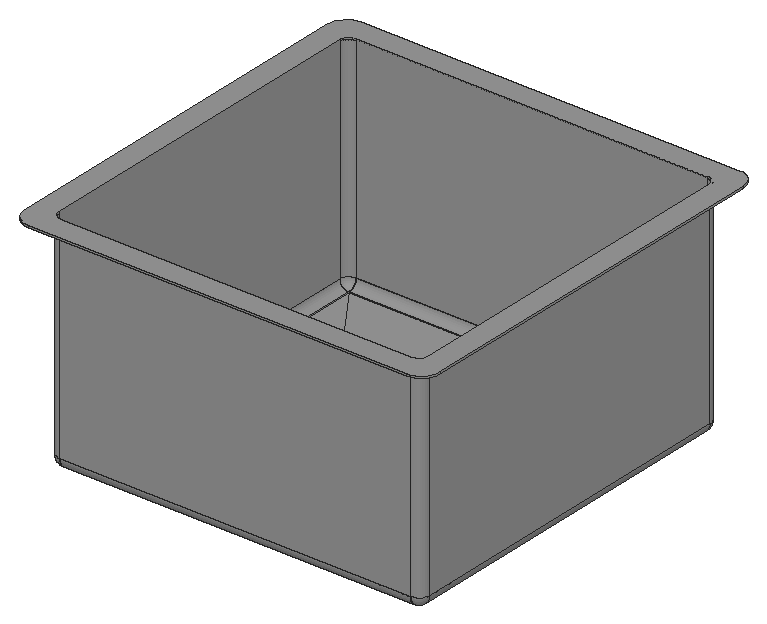
Revit family "BUILDMAT-SNGD002-Nala-450-Brass-Gold", category Plumbing Fixtures, host Face, Revit 2020
Family settings
  Host = Face
  Round Connector Dimension = Use Diameter
  Part Type = Normal
  Cut with Voids When Loaded = No
  Shared = No
  Room Calculation Point = No
Parameters (values of type "Nala 450x450x250mm")
  Width = 400.0 mm
  Undermount [instance] = 0.0 mm
  URL = "https://www.buildmat.com.au/products/nala-450x450-single-bowl-sink"
  Side Sound Pad = no
  Side Brackets = yes
  Model = "SNA01002"  # constant formula
  Middle Sound Pad = yes
  Middle Bracket = no
  Manufacturer URL = "https://www.buildmat.com.au/"
  Manufacturer = "BUILDMAT"  # constant formula
  Length = 400.0 mm
  Description = "BUILDMAT - Nala 450x450 Single Bowl Sink"  # constant formula
  Depth = 250.0 mm
  Default Elevation = 1219.2 mm
  Created By URL = "https://www.buildmat.com.au/"
  Created By = "BUILDMAT"  # constant formula
  Created = "22.06.2022"  # constant formula
  Material = BUILDMAT Brass Gold
Reference planes
  plane 1 "Center (Front/Back)": y = 0
  plane 2: z = 0
  plane 3 "Center (Left/Right)": x = 0
  plane 4 "Top Substrate": z = 0
  plane 5 "Left": x = -200
  plane 6 "Right": x = 200
  plane 7 "Back": y = 200
  plane 8 "Front": y = -200
  plane 9: x = -225
  plane 10: x = 225
  plane 11: y = -225
  plane 12: y = 225
  plane 13 "Bottom Void": z = -250
  plane 14: z = 1.5
  plane 15: x = -201.5
  plane 16: y = -201.5
  plane 17: x = 201.5
  plane 18: y = 201.5
  plane 19: z = -240
  plane 20: z = -230
  plane 21: x = -190
  plane 22: x = 190
  plane 23: y = -190
  plane 24: y = 190
  plane 25: z = -245
  plane 26: z = -241.5
  plane 27: z = -246.5
  plane 28: x = -100
  plane 29: x = 100
  plane 30 "Sound Pad": z = -130
  plane 31 "Front Bracket": y = -100
  plane 32 "Back Bracket": y = 100
  plane 33: x = -100
  plane 34: x = 100
  plane 35: x = -57
  plane 36: x = 57
  plane 37: x = -45
  plane 38: x = 45
Forms (mm)
  Extrusion 1, void
    sketch origin (0, 0, 0) x (1, 0, 0) y (0, 1, 0)
      loop
        arc (-190, 200) -> (-197.071, 197.071) -> (-200, 190) r 10
        line (-200, 190) -> (-200, -190)
        arc (-200, -190) -> (-197.071, -197.071) -> (-190, -200) r 10
        line (-190, -200) -> (190, -200)
        arc (190, -200) -> (197.071, -197.071) -> (200, -190) r 10
        line (200, -190) -> (200, 190)
        arc (200, 190) -> (197.071, 197.071) -> (190, 200) r 10
        line (190, 200) -> (-190, 200)
    from 0 to 1.5
  Extrusion 2, void
    sketch origin (0, 0, 0) x (1, 0, 0) y (0, 1, 0)
      loop
        line (-201.5, 201.5) -> (-201.5, -201.5) -> (201.5, -201.5) -> (201.5, 201.5) -> (-201.5, 201.5)
    from 0 to -250
  Extrusion 3, void
    sketch origin (0, 0, 0) x (1, 0, 0) y (0, 1, 0)
      loop
        arc (-205, 225) -> (-219.142, 219.142) -> (-225, 205) r 20
        line (-225, 205) -> (-225, -205)
        arc (-225, -205) -> (-219.142, -219.142) -> (-205, -225) r 20
        line (-205, -225) -> (205, -225)
        arc (205, -225) -> (219.142, -219.142) -> (225, -205) r 20
        line (225, -205) -> (225, 205)
        arc (225, 205) -> (219.142, 219.142) -> (205, 225) r 20
        line (205, 225) -> (-205, 225)
    from 1.5 to 0
  Extrusion 4, solid, material "BUILDMAT Brass Gold" <- "Material"
    sketch origin (0, 0, 0) x (-1, 0, 0) y (0, -1, 0)
      loop
        arc (205, -225) -> (219.142, -219.142) -> (225, -205) r 20
        line (225, -205) -> (225, 205)
        arc (225, 205) -> (219.142, 219.142) -> (205, 225) r 20
        line (205, 225) -> (-205, 225)
        arc (-205, 225) -> (-219.142, 219.142) -> (-225, 205) r 20
        line (-225, 205) -> (-225, -205)
        arc (-225, -205) -> (-219.142, -219.142) -> (-205, -225) r 20
        line (-205, -225) -> (205, -225)
      loop
        arc (190, -200) -> (197.071, -197.071) -> (200, -190) r 10
        line (200, -190) -> (200, 190)
        arc (200, 190) -> (197.071, 197.071) -> (190, 200) r 10
        line (190, 200) -> (-190, 200)
        arc (-190, 200) -> (-197.071, 197.071) -> (-200, 190) r 10
        line (-200, 190) -> (-200, -190)
        arc (-200, -190) -> (-197.071, -197.071) -> (-190, -200) r 10
        line (-190, -200) -> (190, -200)
    from 0 to 1.5
  Extrusion 5, solid, material "BUILDMAT Brass Gold" <- "Material"
    sketch origin (0, 0, 0) x (-1, 0, 0) y (0, -1, 0)
      loop
        arc (190, -201.5) -> (198.132, -198.132) -> (201.5, -190) r 11.5
        line (201.5, -190) -> (201.5, 190)
        arc (201.5, 190) -> (198.132, 198.132) -> (190, 201.5) r 11.5
        line (190, 201.5) -> (-190, 201.5)
        arc (-190, 201.5) -> (-198.132, 198.132) -> (-201.5, 190) r 11.5
        line (-201.5, 190) -> (-201.5, -190)
        arc (-201.5, -190) -> (-198.132, -198.132) -> (-190, -201.5) r 11.5
        line (-190, -201.5) -> (190, -201.5)
      loop
        arc (-190, 200) -> (-197.071, 197.071) -> (-200, 190) r 10
        line (-200, 190) -> (-200, -190)
        arc (-200, -190) -> (-197.071, -197.071) -> (-190, -200) r 10
        line (-190, -200) -> (190, -200)
        arc (190, -200) -> (197.071, -197.071) -> (200, -190) r 10
        line (200, -190) -> (200, 190)
        arc (200, 190) -> (197.071, 197.071) -> (190, 200) r 10
        line (190, 200) -> (-190, 200)
    from 0 to -230
  Revolve 6, solid, material "BUILDMAT Brass Gold" <- "Material"
    sketch origin (-175.162, 190, 1219.2) x (-1, 0, 0) y (0, 0, 1)
      loop
        line (-375.162, -1449.2) -> (-376.662, -1449.2)
        arc (-376.662, -1449.2) -> (-373.293, -1457.332) -> (-365.162, -1460.7) r 11.5
        line (-365.162, -1460.7) -> (-365.162, -1459.2)
        arc (-365.162, -1459.2) -> (-372.233, -1456.271) -> (-375.162, -1449.2) r 10
      axis (-365.162, -1460.7) -> (-365.162, -1449.2)
    angle from 0 to -90
  Revolve 7, solid, material "BUILDMAT Brass Gold" <- "Material"
    sketch origin (-175.162, 190, 1219.2) x (-1, 0, 0) y (0, 0, 1)
      loop
        arc (24.838, -1449.2) -> (21.909, -1456.271) -> (14.838, -1459.2) r 10
        line (14.838, -1459.2) -> (14.838, -1460.7)
        arc (14.838, -1460.7) -> (22.97, -1457.332) -> (26.338, -1449.2) r 11.5
        line (26.338, -1449.2) -> (24.838, -1449.2)
      axis (14.838, -1449.2) -> (14.838, -1460.7)
    angle from 0 to -90
  Revolve 8, solid, material "BUILDMAT Brass Gold" <- "Material"
    sketch origin (-175.162, -190, 1219.2) x (-1, 0, 0) y (0, 0, 1)
      loop
        arc (24.838, -1449.2) -> (21.909, -1456.271) -> (14.838, -1459.2) r 10
        line (14.838, -1459.2) -> (14.838, -1460.7)
        arc (14.838, -1460.7) -> (22.97, -1457.332) -> (26.338, -1449.2) r 11.5
        line (26.338, -1449.2) -> (24.838, -1449.2)
      axis (14.838, -1449.2) -> (14.838, -1460.7)
    angle from 0 to 90
  Revolve 9, solid, material "BUILDMAT Brass Gold" <- "Material"
    sketch origin (-175.162, -190, 1219.2) x (-1, 0, 0) y (0, 0, 1)
      loop
        line (-375.162, -1449.2) -> (-376.662, -1449.2)
        arc (-376.662, -1449.2) -> (-373.293, -1457.332) -> (-365.162, -1460.7) r 11.5
        line (-365.162, -1460.7) -> (-365.162, -1459.2)
        arc (-365.162, -1459.2) -> (-372.233, -1456.271) -> (-375.162, -1449.2) r 10
      axis (-365.162, -1449.2) -> (-365.162, -1460.7)
    angle from 0 to 90
  Extrusion 10, solid, material "BUILDMAT Brass Gold" <- "Material"
    sketch origin (0, 0, 0) x (1, 0, 0) y (0, 0, 1)
      loop
        line (-200, -230) -> (-201.5, -230)
        arc (-201.5, -230) -> (-198.132, -238.132) -> (-190, -241.5) r 11.5
        line (-190, -241.5) -> (-190, -240)
        arc (-190, -240) -> (-197.071, -237.071) -> (-200, -230) r 10
    from -190 to 190
  Extrusion 11, solid, material "BUILDMAT Brass Gold" <- "Material"
    sketch origin (0, 0, 0) x (1, 0, 0) y (0, 0, 1)
      loop
        arc (200, -230) -> (197.071, -237.071) -> (190, -240) r 10
        line (190, -240) -> (190, -241.5)
        arc (190, -241.5) -> (198.132, -238.132) -> (201.5, -230) r 11.5
        line (201.5, -230) -> (200, -230)
    from -190 to 190
  Extrusion 12, solid, material "BUILDMAT Brass Gold" <- "Material"
    sketch origin (0, 0, 0) x (0, 1, 0) y (0, 0, 1)
      loop
        arc (200, -230) -> (197.071, -237.071) -> (190, -240) r 10
        line (190, -240) -> (190, -241.5)
        arc (190, -241.5) -> (198.132, -238.132) -> (201.5, -230) r 11.5
        line (201.5, -230) -> (200, -230)
    from -190 to 190
  Extrusion 13, solid, material "BUILDMAT Brass Gold" <- "Material"
    sketch origin (0, 0, 0) x (0, 1, 0) y (0, 0, 1)
      loop
        line (-200, -230) -> (-201.5, -230)
        arc (-201.5, -230) -> (-198.132, -238.132) -> (-190, -241.5) r 11.5
        line (-190, -241.5) -> (-190, -240)
        arc (-190, -240) -> (-197.071, -237.071) -> (-200, -230) r 10
    from -190 to 190
  Revolve 14, solid, material "BUILDMAT Brass Gold" <- "Material"
    sketch origin (0, 0, 0) x (1, 0, 0) y (0, 0, 1)
      loop
        line (-45, -250) -> (-45, -248.5)
        spline (-45, -248.5) -> (-46.484, -248.459) -> (-47.939, -248.339) -> (-49.337, -248.141) -> (-50.649, -247.871) -> (-51.848, -247.537) -> (-52.908, -247.151) -> (-53.805, -246.726) -> (-54.514, -246.283) -> (-55.023, -245.856) -> (-55.329, -245.483) -> (-55.468, -245.202) -> (-55.5, -245)
        line (-55.5, -245) -> (-57, -245)
        spline (-57, -245) -> (-56.897, -245.653) -> (-56.591, -246.294) -> (-56.087, -246.913) -> (-55.392, -247.5) -> (-54.52, -248.044) -> (-53.485, -248.536) -> (-52.305, -248.967) -> (-51, -249.33) -> (-49.592, -249.619) -> (-48.106, -249.83) -> (-46.566, -249.957) -> (-45, -250)
      axis (0, -245) -> (0, -250)
    angle from 0 to 360
  Blend 15, solid, material "BUILDMAT Brass Gold" <- "Material"
    base sketch origin (0, 0, 0) x (-1, 0, 0) y (0, -1, 0)
      loop
        circle (0, 0) r 57
    top sketch origin (0, 0, 0) x (-1, 0, 0) y (0, -1, 0)
      loop
        line (190, -190) -> (190, 190) -> (-190, 190) -> (-190, -190) -> (190, -190)
    from -246.5 to -241.5
  Blend 16, void
    base sketch origin (0, 0, 0) x (-1, 0, 0) y (0, -1, 0)
      loop
        circle (0, 0) r 57
    top sketch origin (0, 0, 0) x (-1, 0, 0) y (0, -1, 0)
      loop
        line (190, -190) -> (190, 190) -> (-190, 190) -> (-190, -190) -> (190, -190)
    from -245 to -240
  Extrusion 17, solid, material "BUILDMAT Brass Gold" <- "Material"
    sketch origin (0, 0, 0) x (-1, 0, 0) y (0, -1, 0)
      loop
        line (190, -190) -> (190, 190) -> (-190, 190) -> (-190, -190) -> (190, -190)
    from -241.5 to -240
  Extrusion 18, void
    sketch origin (0, 0, 0) x (-1, 0, 0) y (0, -1, 0)
      loop
        circle (0, 0) r 57
    from -250 to -230
Cuts and joins
  joined: Extrusion 4, Extrusion 5
  joined: Revolve 6, Revolve 9
  joined: Revolve 7, Revolve 8
  Blend 16, Extrusion 18 cuts Blend 15
  Blend 16, Extrusion 18 cuts Extrusion 17
  joined: Blend 15, Extrusion 17
Lines and regions (mm)
  Masking region 1
    outline origin (0, 0, 0) x (1, 0, 0) y (0, 0, 1)
      loop
        line (200, 0) -> (-200, 0) -> (-200, -230)
        arc (-200, -230) -> (-197.071, -237.071) -> (-190, -240) r 10
        line (-190, -240) -> (-57, -245) -> (57, -245) -> (190, -240)
        arc (190, -240) -> (197.071, -237.071) -> (200, -230) r 10
        line (200, -230) -> (200, 0)
  Masking region 2
    outline origin (0, 0, 0) x (1, 0, 0) y (0, 0, 1)
      loop
        line (-100, -244.883) -> (-100, -250) -> (-57, -250) -> (-57, -246.5) -> (-100, -244.883)
  Masking region 3
    outline origin (0, 0, 0) x (1, 0, 0) y (0, 0, 1)
      loop
        line (57, -246.5) -> (57, -250) -> (100, -250) -> (100, -244.883) -> (57, -246.5)
Text (mm)
  text "Refer to www.buildmat.com.au for the most current product literature. \nAllow a +/- 5mm tolerance for dimensions shown in the product literature. \nPlease note product details are subject to change due to ongoing product development." at (0.056, -1035.857, 0), in view "Ref. Level"
Dimensions and locks
  "Undermount": plane 2 to plane 4 "Top Substrate"
  equal spacing: plane 5 "Left", plane 3 "Center (Left/Right)", plane 6 "Right"
  "Width": plane 5 "Left" to plane 6 "Right"
  "Length": plane 7 "Back" to plane 8 "Front"
  equal spacing: plane 7 "Back", plane 1 "Center (Front/Back)", plane 8 "Front"
  locked: plane 12 to plane 7 "Back" at 25
  locked: plane 8 "Front" to plane 11 at 25
  locked: plane 9 to plane 5 "Left" at 25
  locked: plane 6 "Right" to plane 10 at 25
  "Depth": plane 4 "Top Substrate" to plane 13 "Bottom Void"
  locked: plane 14 to plane 4 "Top Substrate" at 1.5
  locked: plane 18 to plane 7 "Back" at 1.5
  locked: plane 8 "Front" to plane 16 at 1.5
  plane 15 to plane 5 "Left" = 1.5 mm
  plane 6 "Right" to plane 17 = 1.5 mm
  plane 20 to plane 19 to plane 13 "Bottom Void" = 10.0 mm, 10.0 mm
  locked: plane 5 "Left" to plane 21 at 10
  locked: plane 22 to plane 6 "Right" at 10
  locked: plane 7 "Back" to plane 24 at 10
  locked: plane 23 to plane 8 "Front" at 10
  locked: plane 19 to plane 26 at 1.5
  locked: plane 25 to plane 13 "Bottom Void" at 5
  locked: plane 25 to plane 27 at 1.5
  plane 29 to plane 3 "Center (Left/Right)" to plane 28 = 100.0 mm locked, 100.0 mm locked
  locked: plane 30 "Sound Pad" to plane 13 "Bottom Void" at 120
  locked: plane 7 "Back" to plane 32 "Back Bracket" at 100
  locked: plane 31 "Front Bracket" to plane 8 "Front" at 100
  locked: plane 33 to plane 5 "Left" at 100
  locked: plane 6 "Right" to plane 34 at 100
  equal spacing: plane 3 "Center (Left/Right)", nested 15, plane 33
  equal spacing: plane 34, nested 16, plane 3 "Center (Left/Right)"
  plane 37 to plane 3 "Center (Left/Right)" to plane 38 = 45.0 mm locked, 45.0 mm locked
  plane 35 to plane 3 "Center (Left/Right)" to plane 36 = 57.0 mm locked, 57.0 mm locked
  aligned and locked: plane 2 to host face
  aligned and locked: level to host face
  aligned and locked: plane 8 "Front" to Extrusion 1 sketch curve
  aligned and locked: Extrusion 1 sketch curve to plane 7 "Back"
  aligned and locked: plane 5 "Left" to Extrusion 1 sketch curve
  aligned and locked: Extrusion 1 sketch curve to plane 6 "Right"
  aligned and locked: plane 2 to Extrusion 1
  aligned and locked: Extrusion 1 to plane 14
  aligned and locked: Extrusion 2 sketch curve to plane 16
  aligned and locked: Extrusion 2 sketch curve to plane 18
  aligned and locked: plane 15 to Extrusion 2 sketch curve
  aligned and locked: plane 17 to Extrusion 2 sketch curve
  aligned and locked: Extrusion 2 to plane 13 "Bottom Void"
  aligned and locked: plane 4 "Top Substrate" to Extrusion 2
  aligned and locked: plane 11 to Extrusion 3 sketch curve
  aligned and locked: plane 9 to Extrusion 3 sketch curve
  aligned and locked: Extrusion 3 sketch curve to plane 10
  aligned and locked: Extrusion 3 sketch curve to plane 12
  aligned and locked: Extrusion 3 to plane 4 "Top Substrate"
  aligned and locked: Extrusion 3 to plane 14
  aligned and locked: plane 11 to Extrusion 4 sketch curve
  aligned and locked: Extrusion 4 sketch curve to plane 12
  aligned and locked: plane 9 to Extrusion 4 sketch curve
  aligned and locked: Extrusion 4 sketch curve to plane 10
  aligned and locked: plane 5 "Left" to Extrusion 4 sketch curve
  aligned and locked: Extrusion 4 sketch curve to plane 6 "Right"
  aligned and locked: Extrusion 4 sketch curve to plane 7 "Back"
  aligned and locked: plane 8 "Front" to Extrusion 4 sketch curve
  aligned and locked: Extrusion 5 sketch curve to plane 7 "Back"
  aligned and locked: plane 5 "Left" to Extrusion 5 sketch curve
  aligned and locked: Extrusion 5 sketch curve to plane 6 "Right"
  aligned and locked: plane 8 "Front" to Extrusion 5 sketch curve
  aligned and locked: plane 15 to Extrusion 5 sketch curve
  aligned and locked: Extrusion 5 sketch curve to plane 16
  aligned and locked: plane 17 to Extrusion 5 sketch curve
  aligned and locked: Extrusion 5 sketch curve to plane 18
  aligned and locked: Extrusion 5 to plane 20
  aligned and locked: plane 4 "Top Substrate" to Extrusion 5
  aligned and locked: Extrusion 11 to plane 23
  aligned and locked: plane 24 to Extrusion 11
  aligned and locked: plane 24 to Extrusion 10
  aligned and locked: Extrusion 10 to plane 23
  aligned and locked: Extrusion 13 to plane 21
  aligned and locked: plane 22 to Extrusion 13
  aligned and locked: plane 22 to Extrusion 12
  aligned and locked: Extrusion 12 to plane 21
  aligned and locked: plane 21 to Blend 15 sketch curve
  aligned and locked: Blend 15 sketch curve to plane 22
  aligned and locked: Blend 15 sketch curve to plane 23
  aligned and locked: Blend 15 sketch curve to plane 24
  aligned and locked: plane 27 to Blend 15
  aligned and locked: Blend 15 to plane 26
  aligned and locked: Blend 16 sketch curve to plane 24
  aligned and locked: plane 21 to Blend 16 sketch curve
  aligned and locked: Blend 16 sketch curve to plane 22
  aligned and locked: Blend 16 sketch curve to plane 23
  aligned and locked: Blend 16 to plane 25
  aligned and locked: plane 19 to Blend 16
  aligned and locked: Extrusion 17 sketch curve to plane 24
  aligned and locked: Extrusion 17 sketch curve to plane 23
  aligned and locked: plane 21 to Extrusion 17 sketch curve
  aligned and locked: Extrusion 17 sketch curve to plane 22
  aligned and locked: Extrusion 17 to plane 26
  aligned and locked: plane 19 to Extrusion 17
  aligned and locked: Extrusion 18 to plane 13 "Bottom Void"
  aligned and locked: plane 20 to Extrusion 18
  aligned and locked: cut or joined group of Blend 15, Blend 16, Extrusion 17, Extrusion 18 to Masking region 2 sketch curve
  aligned and locked: Masking region 3 sketch curve to cut or joined group of Blend 15, Blend 16, Extrusion 17, Extrusion 18
  aligned and locked: plane 3 "Center (Left/Right)" to nested 1
  aligned and locked: nested 1 to plane 4 "Top Substrate"
  aligned and locked: plane 3 "Center (Left/Right)" to nested 2
  aligned and locked: nested 2 to plane 30 "Sound Pad"
  aligned and locked: nested 3 to plane 18
  aligned and locked: plane 3 "Center (Left/Right)" to nested 3
  aligned and locked: plane 16 to nested 4
  aligned and locked: nested 4 to plane 3 "Center (Left/Right)"
  aligned and locked: plane 31 "Front Bracket" to nested 6
  aligned and locked: plane 15 to nested 6
  aligned and locked: plane 31 "Front Bracket" to nested 8
  aligned and locked: plane 17 to nested 8
  aligned and locked: plane 32 "Back Bracket" to nested 7
  aligned and locked: plane 17 to nested 7
  aligned and locked: plane 32 "Back Bracket" to nested 5
  aligned and locked: plane 15 to nested 5
  aligned and locked: nested 9 to plane 4 "Top Substrate"
  aligned and locked: nested 9 to plane 33
  aligned and locked: nested 10 to plane 4 "Top Substrate"
  aligned and locked: nested 10 to plane 34
  aligned and locked: nested 13 to plane 33
  aligned and locked: nested 14 to plane 34
  aligned and locked: plane 16 to nested 13
  aligned and locked: plane 16 to nested 14
  aligned and locked: plane 33 to nested 11
  aligned and locked: nested 11 to plane 18
  aligned and locked: plane 34 to nested 12
  aligned and locked: nested 12 to plane 18
  aligned and locked: nested 15 to plane 30 "Sound Pad"
  aligned and locked: nested 16 to plane 30 "Sound Pad"
  aligned and locked: nested 17 to plane 23
  aligned and locked: nested 17 to plane 24
  aligned and locked: plane 22 to nested 17
  aligned and locked: plane 21 to nested 17
  aligned and locked: plane 3 "Center (Left/Right)" to nested 18
  aligned and locked: plane 1 "Center (Front/Back)" to nested 18
  aligned and locked: plane 4 "Top Substrate" to Masking region 1
Automatic sketch dimensions
  host sketch curve to host sketch curve = 2438.4 mm  (x2)
  plane 5 "Left" to Extrusion 1 sketch curve = 10.0 mm  (x2)
  Extrusion 1 sketch curve to plane 6 "Right" = 10.0 mm  (x2)
  Extrusion 4 sketch curve to plane 10 = 20.0 mm  (x2)
  Extrusion 4 sketch curve to Extrusion 4 sketch curve = 10.0 mm  (x2)
  plane 5 "Left" to Extrusion 4 sketch curve = 10.0 mm
  plane 9 to Extrusion 4 sketch curve = 20.0 mm
  plane 8 "Front" to Extrusion 4 sketch curve = 10.0 mm
  plane 11 to Extrusion 4 sketch curve = 20.0 mm
  Extrusion 3 sketch curve to plane 5 "Left" = 5.0 mm
  plane 6 "Right" to Extrusion 3 sketch curve = 5.0 mm  (x2)
  plane 7 "Back" to Extrusion 3 sketch curve = 5.0 mm
  plane 5 "Left" to Extrusion 5 sketch curve = 10.0 mm
  Extrusion 5 sketch curve to plane 6 "Right" = 10.0 mm
  plane 8 "Front" to Extrusion 5 sketch curve = 10.0 mm
  Extrusion 5 sketch curve to plane 7 "Back" = 10.0 mm
  Extrusion 5 sketch curve to Extrusion 5 sketch curve = 0.0 mm  (x4)
  Revolve 6 sketch curve to Revolve 6 sketch curve = 0.0 mm  (x3)
  plane 17 to Revolve 6 sketch curve = 0.0 mm
  Revolve 6 sketch curve to plane 6 "Right" = 0.0 mm
  Revolve 6 sketch curve to plane 22 = 0.0 mm  (x2)
  Revolve 6 sketch curve to plane 19 = 0.0 mm
  Revolve 6 sketch curve to plane 20 = 0.0 mm
  Revolve 7 sketch curve to Revolve 7 sketch curve = 0.0 mm  (x3)
  Revolve 7 sketch curve to plane 20 = 0.0 mm  (x2)
  Revolve 7 sketch curve to plane 21 = 0.0 mm  (x2)
  Revolve 7 sketch curve to plane 5 "Left" = 0.0 mm
  Revolve 7 sketch curve to plane 15 = 0.0 mm
  Revolve 8 sketch curve to Revolve 8 sketch curve = 0.0 mm  (x3)
  Revolve 8 sketch curve to plane 20 = 0.0 mm  (x2)
  Revolve 8 sketch curve to plane 21 = 0.0 mm  (x2)
  Revolve 8 sketch curve to plane 5 "Left" = 0.0 mm
  Revolve 8 sketch curve to plane 15 = 0.0 mm
  Revolve 9 sketch curve to Revolve 9 sketch curve = 0.0 mm  (x3)
  plane 17 to Revolve 9 sketch curve = 0.0 mm
  Revolve 9 sketch curve to plane 6 "Right" = 0.0 mm
  Revolve 9 sketch curve to plane 22 = 0.0 mm  (x2)
  Revolve 9 sketch curve to plane 20 = 0.0 mm
  Revolve 9 sketch curve to plane 19 = 0.0 mm
  Extrusion 10 sketch curve to plane 15 = 0.0 mm
  Extrusion 10 sketch curve to plane 5 "Left" = 0.0 mm
  Extrusion 10 sketch curve to plane 19 = 0.0 mm
  Extrusion 10 sketch curve to plane 21 = 0.0 mm
  Extrusion 11 sketch curve to plane 20 = 0.0 mm
  Extrusion 11 sketch curve to plane 22 = 0.0 mm
  Extrusion 11 sketch curve to plane 6 "Right" = 0.0 mm
  plane 17 to Extrusion 11 sketch curve = 0.0 mm
  Extrusion 12 sketch curve to plane 20 = 0.0 mm
  Extrusion 12 sketch curve to plane 24 = 0.0 mm
  Extrusion 12 sketch curve to plane 7 "Back" = 0.0 mm
  Extrusion 12 sketch curve to plane 18 = 0.0 mm
  Extrusion 13 sketch curve to plane 16 = 0.0 mm
  Extrusion 13 sketch curve to plane 8 "Front" = 0.0 mm
  Extrusion 13 sketch curve to plane 23 = 0.0 mm
  Extrusion 13 sketch curve to plane 19 = 0.0 mm
  Revolve 14 sketch curve to plane 25 = 0.0 mm
  Revolve 14 sketch curve to plane 13 "Bottom Void" = 0.0 mm  (x2)
  Revolve 14 sketch curve to plane 3 "Center (Left/Right)" = 0.0 mm
  Revolve 14 sketch curve to plane 20 = 0.0 mm
  Revolve 14 sketch curve to plane 3 "Center (Left/Right)" = 45.0 mm
  Revolve 14 sketch curve to Revolve 14 sketch curve = 10.5 mm
  Revolve 14 sketch curve to Revolve 14 sketch curve = 1.5 mm  (x2)
  Revolve 14 sketch curve to Revolve 14 sketch curve = 0.0 mm
  plane 1 "Center (Front/Back)" to Blend 15 sketch curve = 0.0 mm
  Blend 15 sketch curve to plane 3 "Center (Left/Right)" = 0.0 mm
  plane 1 "Center (Front/Back)" to Blend 16 sketch curve = 0.0 mm
  Blend 16 sketch curve to plane 3 "Center (Left/Right)" = 0.0 mm
  plane 1 "Center (Front/Back)" to Extrusion 18 sketch curve = 0.0 mm
  Extrusion 18 sketch curve to plane 3 "Center (Left/Right)" = 0.0 mm
  Masking region 1 sketch curve to level = 0.0 mm
  Masking region 1 sketch curve to plane 20 = 0.0 mm
  Masking region 1 sketch curve to plane 21 = 0.0 mm
  Masking region 1 sketch curve to plane 25 = 0.0 mm
  Masking region 1 sketch curve to plane 3 "Center (Left/Right)" = 57.0 mm
  plane 3 "Center (Left/Right)" to Masking region 1 sketch curve = 57.0 mm
  Masking region 1 sketch curve to plane 19 = 0.0 mm
  Masking region 1 sketch curve to plane 22 = 0.0 mm
  Masking region 1 sketch curve to plane 6 "Right" = 0.0 mm
  Masking region 1 sketch curve to plane 5 "Left" = 0.0 mm
  Masking region 2 sketch curve to plane 28 = 0.0 mm
  Masking region 2 sketch curve to plane 13 "Bottom Void" = 0.0 mm
  Masking region 2 sketch curve to plane 27 = 0.0 mm
  Masking region 3 sketch curve to plane 27 = 0.0 mm
  Masking region 3 sketch curve to plane 13 "Bottom Void" = 0.0 mm
  Masking region 3 sketch curve to plane 29 = 0.0 mm
  radius of Blend 15 sketch curve = 57.0 mm
  radius of Blend 16 sketch curve = 57.0 mm
  radius of Extrusion 18 sketch curve = 57.0 mm
Nested families
  nested 1: "TMB_Front" at (0, 0, 0) x (1, 0, 0) z (0, -1, 0), visible <- "Middle Bracket", type "TMB_Front"
  nested 2: "SP_Front" at (0, 0, -130) x (1, 0, 0) z (0, -1, 0), visible <- "Middle Sound Pad", type "SP_Front"
  nested 3: "TMB_Plan" at (0, 201.5, 0), visible <- "Middle Bracket", type "TMB_Plan"
  nested 4: "TMB_Plan" at (0, -201.5, 0) x (-1, 0, 0) z (0, 0, 1), visible <- "Middle Bracket", type "TMB_Plan"
  nested 5: "TMB_Plan" at (-201.5, 100, 0) x (0, 1, 0) z (0, 0, 1), type "TMB_Plan"
  nested 6: "TMB_Plan" at (-201.5, -100, 0) x (0, 1, 0) z (0, 0, 1), type "TMB_Plan"
  nested 7: "TMB_Plan" at (201.5, 100, 0) x (0, -1, 0) z (0, 0, 1), type "TMB_Plan"
  nested 8: "TMB_Plan" at (201.5, -100, 0) x (0, -1, 0) z (0, 0, 1), type "TMB_Plan"
  nested 9: "TMB_Front" at (-100, 0, 0) x (1, 0, 0) z (0, -1, 0), visible <- "Side Brackets", type "TMB_Front"
  nested 10: "TMB_Front" at (100, 0, 0) x (1, 0, 0) z (0, -1, 0), visible <- "Side Brackets", type "TMB_Front"
  nested 11: "TMB_Plan" at (-100, 201.5, 0), visible <- "Side Brackets", type "TMB_Plan"
  nested 12: "TMB_Plan" at (100, 201.5, 0), visible <- "Side Brackets", type "TMB_Plan"
  nested 13: "TMB_Plan" at (-100, -201.5, 0) x (-1, 0, 0) z (0, 0, 1), visible <- "Side Brackets", type "TMB_Plan"
  nested 14: "TMB_Plan" at (100, -201.5, 0) x (-1, 0, 0) z (0, 0, 1), visible <- "Side Brackets", type "TMB_Plan"
  nested 15: "SP_Front" at (-50, 0, -130) x (1, 0, 0) z (0, -1, 0), visible <- "Side Sound Pad", type "SP_Front"
  nested 16: "SP_Front" at (50, 0, -130) x (1, 0, 0) z (0, -1, 0), visible <- "Side Sound Pad", type "SP_Front"
  nested 17: "BOWL Plan" at (0, 0, -130), type "BOWL Plan"
    with Width 380.0 mm, Lenght 380.0 mm
  nested 18: "DRAIN" at (0, 0, 0), type "DRAIN"
Definition of nested family "TMB_Front"
  Reference planes
    plane 1 "Center (Elevation)": y = 0
    plane 2: z = 0
    plane 3 "Center (Left/Right)": x = 0
  Lines and regions (mm)
    Masking region 1, in view "Ref. Level"
      outline origin (0, 0, 0) x (1, 0, 0) y (0, 1, 0)
        loop
          line (-17.5, 0) -> (-17.5, -80) -> (17.5, -80) -> (17.5, 0) -> (-17.5, 0)
    detail lines, in view "Ref. Level"
      curve 1: line (-17.5, 0, 0) -> (-17.5, -80, 0)
      curve 2: line (-17.5, -80, 0) -> (17.5, -80, 0)
      curve 3: line (17.5, -80, 0) -> (17.5, 0, 0)
      curve 4: line (-12.5, -50, 0) -> (12.5, -50, 0)
      curve 5: line (-12.5, -75, 0) -> (-12.5, -50, 0)
      curve 6: line (12.5, -75, 0) -> (-12.5, -75, 0)
      curve 7: line (12.5, -50, 0) -> (12.5, -75, 0)
Definition of nested family "SP_Front"
  Reference planes
    plane 1 "Center (Elevation)": y = 0
    plane 2: z = 0
    plane 3 "Center (Left/Right)": x = 0
  Lines and regions (mm)
    Masking region 1, in view "Ref. Level"
      outline origin (0, 0, 0) x (1, 0, 0) y (0, 1, 0)
        loop
          arc (-50, 40) -> (-57.071, 37.071) -> (-60, 30) r 10
          line (-60, 30) -> (-60, -30)
          arc (-60, -30) -> (-57.071, -37.071) -> (-50, -40) r 10
          line (-50, -40) -> (50, -40)
          arc (50, -40) -> (57.071, -37.071) -> (60, -30) r 10
          line (60, -30) -> (60, 30)
          arc (60, 30) -> (57.071, 37.071) -> (50, 40) r 10
          line (50, 40) -> (-50, 40)
    detail lines, in view "Ref. Level"
      curve 1: line (-50, 40, 0) -> (50, 40, 0)
      curve 2: line (50, -40, 0) -> (-50, -40, 0)
      curve 3: line (60, 30, 0) -> (60, -30, 0)
      curve 4: line (-60, 30, 0) -> (-60, -30, 0)
      curve 5: arc (-50, 40, 0) -> (-57.071, 37.071, 0) -> (-60, 30, 0) r 10
      curve 6: arc (-60, -30, 0) -> (-57.071, -37.071, 0) -> (-50, -40, 0) r 10
      curve 7: arc (50, -40, 0) -> (57.071, -37.071, 0) -> (60, -30, 0) r 10
      curve 8: arc (60, 30, 0) -> (57.071, 37.071, 0) -> (50, 40, 0) r 10
  Dimensions and locks
    aligned and locked: Masking region 1 sketch curve to curve 1
    aligned and locked: Masking region 1 sketch curve to curve 4
    aligned and locked: Masking region 1 sketch curve to curve 2
    aligned and locked: Masking region 1 sketch curve to curve 3
Definition of nested family "TMB_Plan"
  Reference planes
    plane 1 "Center (Front/Back)": y = 0
    plane 2: z = 0
    plane 3 "Center (Left/Right)": x = 0
  Lines and regions (mm)
    detail lines, in view "Ref. Level"
      curve 1: line (-17.5, 0, 0) -> (17.5, 0, 0)
      curve 2: line (17.5, 0, 0) -> (17.5, 5, 0)
      curve 3: line (17.5, 5, 0) -> (12.5, 5, 0)
      curve 4: line (-17.5, 0, 0) -> (-17.5, 5, 0)
      curve 5: line (-17.5, 5, 0) -> (-12.5, 5, 0)
Definition of nested family "BOWL Plan"
  Parameters (values of type "BOWL Plan")
    Width [instance] = 600.0 mm
    Lenght [instance] = 400.0 mm
  Reference planes
    plane 1 "Center (Front/Back)": y = 0
    plane 2: z = 0
    plane 3 "Center (Left/Right)": x = 0
    plane 4 "Left": x = -300
    plane 5 "Right": x = 300
    plane 6 "Back": y = 200
    plane 7 "Front": y = -200
  Lines and regions (mm)
    Masking region 1, in view "Ref. Level"
      outline origin (0, 0, 0) x (1, 0, 0) y (0, 1, 0)
        loop
          line (-300, 200) -> (-300, -200) -> (300, -200) -> (300, 200) -> (-300, 200)
    detail lines, in view "Ref. Level"
      curve 1: line (-300, 200, 0) -> (300, -200, 0)
      curve 2: line (-300, -200, 0) -> (300, 200, 0)
  Dimensions and locks
    equal spacing: plane 6 "Back", plane 1 "Center (Front/Back)", plane 7 "Front"
    "Lenght": plane 6 "Back" to plane 7 "Front"
    equal spacing: plane 4 "Left", plane 3 "Center (Left/Right)", plane 5 "Right"
    "Width": plane 4 "Left" to plane 5 "Right"
    aligned and locked: plane 4 "Left" to Masking region 1 sketch curve
    aligned and locked: Masking region 1 sketch curve to plane 5 "Right"
    aligned and locked: plane 7 "Front" to Masking region 1 sketch curve
    aligned and locked: Masking region 1 sketch curve to plane 6 "Back"
  Automatic sketch dimensions
    curve 2 to plane 4 "Left" = 0.0 mm
    curve 1 to plane 4 "Left" = 0.0 mm
    curve 2 to plane 5 "Right" = 0.0 mm
    curve 1 to plane 5 "Right" = 0.0 mm
    curve 1 to plane 7 "Front" = 0.0 mm
    curve 2 to plane 7 "Front" = 0.0 mm
    curve 2 to plane 6 "Back" = 0.0 mm
    curve 1 to plane 6 "Back" = 0.0 mm
Definition of nested family "DRAIN"
  Reference planes
    plane 1 "Center (Front/Back)": y = 0
    plane 2: z = 0
    plane 3 "Center (Left/Right)": x = 0
  Lines and regions (mm)
    Masking region 1, in view "Ref. Level"
      outline origin (0, 0, 0) x (1, 0, 0) y (0, 1, 0)
        loop
          circle (0, 0) r 57
    detail lines, in view "Ref. Level"
      curve 1: circle (0, 0, 0) r 45 normal (0, 0, 1)
      curve 2: circle (0, 0, 0) r 55.5 normal (0, 0, 1)
